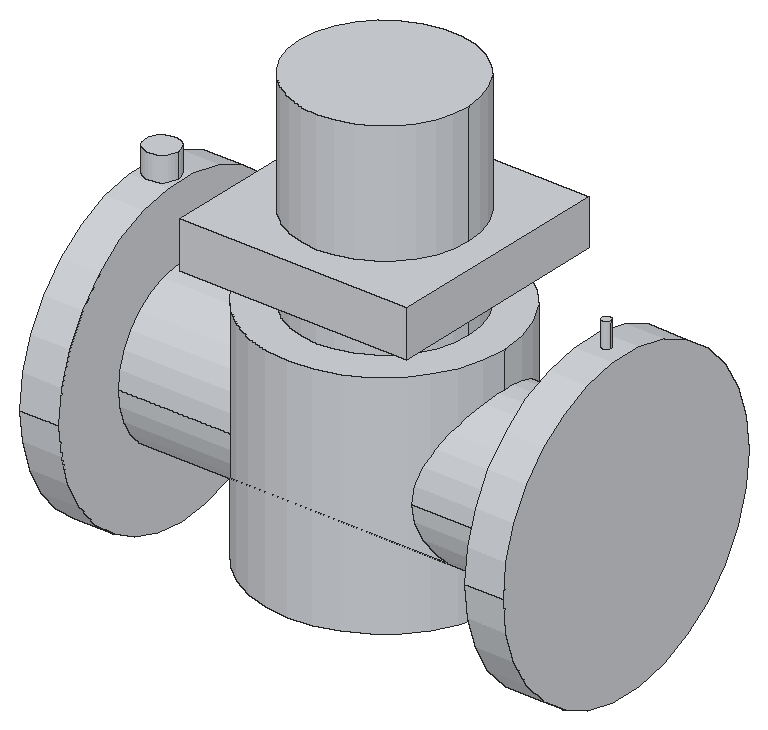
Revit family "PV_Compact_PN25_DN200_(20-100kPa)_RFA_2019", category Pipe Accessories, Revit 2019
Family settings
  Round Connector Dimension = Use Diameter
  Part Type = Valve - Breaks Into
  Work Plane-Based = No
  Always vertical = Yes
  Cut with Voids When Loaded = No
  Shared = No
Parameters (values of type "PV Compact PN25 DN200 (20-100kPa)")
  magiProductId = "21d4a96559b243fabb2a9fe74f4fa1"
  magiProductFamilyId = "7c5767a2a396495b8f1e69654734b4"
  magiPartTypeId = 304
  isMeasuringValve [instance] = no
  ang2D [instance] = 0.00°
  W2D = 50 mm
  VersionID = "2.0/2018.12.13.2/FRESE_PV_COMPACT_BIG_Q13_001"
  Use Minimum Symbol Size [instance] = no
  URL = "www.hydronix.cz"
  Type Comments = "PŘÍRUBOVÝ; PN25; dpmax=1000kPa; -10~+110°C"
  R4 = 105 mm
  R3 = 98.8 mm
  R1 = 150 mm
  QmdConnectorList = "301;D;302;D"
  Productdata [instance] = ""
  Manufacturer = "Hydronix"
  Maintenance Zone Under Depth [instance] = 100 mm
  Maintenance Zone Right Depth [instance] = 100 mm
  Maintenance Zone Over Depth [instance] = 100 mm
  Maintenance Zone Left Depth [instance] = 100 mm
  Maintenance Zone Front Depth [instance] = 100 mm
  Maintenance Zone Back Depth [instance] = 100 mm
  Maintenance Zone Front Visibility [instance] = no
  MC Use Limits From Balancing Method = no
  MC Throttling Minimum Value = 0
  MC Throttling Maximum Value = 0
  MC Product Code = "53-3338 DN200 PN25; nastavitelný rozsah dp=20~100kPa; Q=30,7~123 m3/h;  kvs=275"
  MC Pressure Drop Minimum Value = 0.0 Pa
  MC Pressure Drop Maximum Value = 0.0 Pa
  MC Piping Given Pressure Drop [instance] = 0.0 Pa
  LF__ve = -LF  # -48 mm
  LF2 = 24 mm
  LF = 48 mm
  L4 = 282 mm
  L3 = 504 mm
  L2D_Min = 30.48 mm
  L2D = 230 mm
  L2 = 300 mm
  H6 = 150 mm
  H4 = 57 mm
  H3 = 47.5 mm
  H2 = 142.5 mm
  H1 = 285 mm
  Description = "Nastavitelný regulátor tlakové diference"
  DF2 = 190 mm
  D = 200 mm
  Clearance Zone Height Depth [instance] = 100 mm
  Clearance Zone Circular Radius [instance] = 300 mm
  Clearance Zone Visibility [instance] = no
  CAT0 = yes
Types (7, lengths in mm): name | magiProductId | Type Comments | R4 | R3 | R1 | MC Product Code | LF__ve | LF2 | LF | L4 | L3 | L2 | H6 | H4 | H3 | H2 | H1 | DF2 | D | Clearance Zone Circular Radius
  PV Compact PN25 DN050 (20-100kPa) | "c83fbc6219d94d148ccf13b963e54b" | "PŘÍRUBOVÝ; PN25; dpmax=1000kPa; -10~+120°C" | 40.25 | 42.9 | 57.5 | "53-3320 DN050 PN25; nastavitelný rozsah dp=20~100kPa; Q=3,2~13,0 m3/h;  kvs=29" | -18.4 | 9.2 | 18.4 | 108.1 | 193.2 | 115 | 82.25 | 24.75 | 20.625 | 61.875 | 123.75 | 82.5 | 50 | 115
  PV Compact PN25 DN065 (20-100kPa) | "130d70b5f9404660882d0b277b908a" | "PŘÍRUBOVÝ; PN25; dpmax=1000kPa; -10~+120°C" | 50.75 | 48.1 | 72.5 | "53-3323 DN065 PN25; nastavitelný rozsah dp=20~100kPa; Q=4,7~18,8 m3/h;  kvs=42" | -23.2 | 11.6 | 23.2 | 136.3 | 243.6 | 145 | 105.25 | 27.75 | 23.125 | 69.375 | 138.75 | 92.5 | 65 | 145
  PV Compact PN25 DN080 (20-100kPa) | "a1826ed98cb744f2bf0249353d27a7" | "PŘÍRUBOVÝ; PN25; dpmax=1000kPa; -10~+120°C" | 54.25 | 52 | 77.5 | "53-3326 DN080 PN25; nastavitelný rozsah dp=20~100kPa; Q=7,5~30,0 m3/h;  kvs=67" | -24.8 | 12.4 | 24.8 | 145.7 | 260.4 | 155 | 141 | 30 | 25 | 75 | 150 | 100 | 80 | 155
  PV Compact PN25 DN100 (20-100kPa) | "7cf36ffc9d0642d6874cd3d421d477" | "PŘÍRUBOVÝ; PN25; dpmax=1000kPa; -10~+120°C" | 61.25 | 61.1 | 87.5 | "53-3329 DN100 PN25; nastavitelný rozsah dp=20~100kPa; Q=12,9~51,4 m3/h;  kvs=115" | -28 | 14 | 28 | 164.5 | 294 | 175 | 234.75 | 35.25 | 29.375 | 88.125 | 176.25 | 117.5 | 100 | 175
  PV Compact PN25 DN125 (20-100kPa) | "79fb1938054147a099bb761cc75d0a" | "PŘÍRUBOVÝ; PN25; dpmax=1000kPa; -10~+120°C" | 70 | 70.2 | 100 | "53-3332 DN125 PN25; nastavitelný rozsah dp=20~100kPa; Q=19,0~76,0 m3/h;  kvs=170" | -32 | 16 | 32 | 188 | 336 | 200 | 225.5 | 40.5 | 33.75 | 101.25 | 202.5 | 135 | 125 | 200
  PV Compact PN25 DN150 (20-100kPa) | "9089b5560db447c5b770287446c8b2" | "PŘÍRUBOVÝ; PN25; dpmax=1000kPa; -10~+110°C" | 84 | 74.1 | 120 | "53-3335 DN150 PN25; nastavitelný rozsah dp=20~100kPa; Q=28,0~112 m3/h;  kvs=250" | -38.4 | 19.2 | 38.4 | 225.6 | 403.2 | 240 | 256.25 | 42.75 | 35.625 | 106.875 | 213.75 | 142.5 | 150 | 240
  PV Compact PN25 DN200 (20-100kPa) | "21d4a96559b243fabb2a9fe74f4fa1" | "PŘÍRUBOVÝ; PN25; dpmax=1000kPa; -10~+110°C" | 105 | 98.8 | 150 | "53-3338 DN200 PN25; nastavitelný rozsah dp=20~100kPa; Q=30,7~123 m3/h;  kvs=275" | -48 | 24 | 48 | 282 | 504 | 300 | 150 | 57 | 47.5 | 142.5 | 285 | 190 | 200 | 300
Reference planes
  plane 1 "Center (Front/Back)": y = 0
  plane 2 "XYPLANE": z = 0
  plane 3 "Center (Left/Right)": x = 0
  plane 4 "257": y = -190
  plane 5 "256": y = 190
  plane 6 "255": z = -190
  plane 7 "254": y = -290
  plane 8 "253": y = 290
  plane 9 "252": x = -400
  plane 10 "251": x = 400
  plane 11 "250": z = 497
  plane 12 "249": z = -290
  plane 13 "248": z = 497
  plane 14 "247": z = 397
  plane 15 "157": x = 276
  plane 16 "156": x = -276
  plane 17 "155": z = 190
  plane 18 "154": z = 247
  plane 19 "153": z = 190
  plane 20 "152": z = 142.5
  plane 21 "151": x = -252
  plane 22 "150": z = -142.5
  plane 23 "149": x = 0
  plane 24 "148": y = 0
  plane 25 "147": z = 0
  plane 26 "146": x = -300
  plane 27 "145": x = 300
Forms (mm)
  Blend 1, solid, visible <- "Maintenance Zone Front Visibility"
    base sketch origin (-750, 0, -290) x (1, 0, 0) y (0, 1, 0)
      loop
        line (350, 290) -> (350, -290) -> (1150, -290) -> (1150, 290) -> (350, 290)
    top sketch origin (-750, 0, -290) x (1, 0, 0) y (0, 1, 0)
      loop
        line (350, 290) -> (350, -290) -> (1150, -290) -> (1150, 290) -> (350, 290)
    from 0 to 787
  Blend 2, solid, visible <- "Clearance Zone Visibility"
    base sketch origin (-750, 0, 0) x (1, 0, 0) y (0, 1, 0)
      loop
        circle (750, 0) r 300
    top sketch origin (-750, 0, 0) x (1, 0, 0) y (0, 1, 0)
      loop
        circle (750, 0) r 300
    from 0 to 497
  Extrusion 3, solid, visible <- "CAT0"
    sketch origin (-750, 0, 190) x (1, 0, 0) y (0, 1, 0)
      loop
        circle (1026, 0) r 5.5
    from 0 to 30
  Extrusion 4, solid, visible <- "CAT0"
    sketch origin (-750, 0, 190) x (1, 0, 0) y (0, 1, 0)
      loop
        circle (474, 0) r 20.3
    from 0 to 30
  Extrusion 5, solid
    sketch origin (-750, 0, 247) x (1, 0, 0) y (0, 1, 0)
      loop
        circle (750, 0) r 105
    from 0 to 150 <- "H6"
  Extrusion 6, solid, visible <- "CAT0"
    sketch origin (-750, 0, 190) x (1, 0, 0) y (0, 1, 0)
      loop
        line (891, 141) -> (609, 141) -> (609, -141) -> (891, -141) -> (891, 141)
    from 0 to 57 <- "H4"
  Extrusion 7, solid, visible <- "CAT0"
    sketch origin (-750, 0, 142.5) x (1, 0, 0) y (0, 1, 0)
      loop
        circle (750, 0) r 105
    from 0 to 47.5 <- "H3"
  Extrusion 8, solid, visible <- "CAT0"
    sketch origin (-252, -750, 0) x (0, 1, 0) y (0, 0, 1)
      loop
        circle (750, 0) r 98.8
    from 0 to 504 <- "L3"
  Extrusion 9, solid, visible <- "CAT0"
    sketch origin (-750, 0, -142.5) x (1, 0, 0) y (0, 1, 0)
      loop
        circle (750, 0) r 150
    from 0 to 285 <- "H1"
  Extrusion 10, solid, visible <- "CAT0"
    sketch origin (-300, -750, 0) x (0, 1, 0) y (0, 0, 1)
      loop
        circle (750, 0) r 190
    from 0 to 48 <- "LF"
  Extrusion 11, solid, visible <- "CAT0"
    sketch origin (300, -750, 0) x (0, 1, 0) y (0, 0, 1)
      loop
        circle (750, 0) r 190
    from 0 to -48 <- "LF__ve"
  Extrusion 12, solid, not visible
    sketch origin (-300, -750, 0) x (0, 1, 0) y (0, 0, 1)
      loop
        circle (750, 0) r 10
    from 0 to 10
  Extrusion 13, solid, not visible
    sketch origin (300, -750, 0) x (0, 1, 0) y (0, 0, 1)
      loop
        circle (750, 0) r 10
    from 0 to -10
Lines and regions (mm)
  reference lines, not visible
    curve 1: circle (2, 2, 0) r 1 normal (0, 0, 1)
  reference lines
    curve 2: circle (0, 0, 190) r 1 normal (0, 0, 1)
Dimensions and locks
  plane 1 "Center (Front/Back)" to curve 1 = 2 mm
  "DF2": plane 24 "148" to plane 4 "257"
  "DF2": plane 24 "148" to plane 5 "256"
  "DF2": plane 25 "147" to plane 6 "255"
  "Maintenance Zone Front Depth": plane 4 "257" to plane 7 "254"
  "Maintenance Zone Back Depth": plane 5 "256" to plane 8 "253"
  "Maintenance Zone Left Depth": plane 26 "146" to plane 9 "252"
  "Maintenance Zone Right Depth": plane 27 "145" to plane 10 "251"
  "Maintenance Zone Over Depth": plane 14 "247" to plane 11 "250"
  "Maintenance Zone Under Depth": plane 6 "255" to plane 12 "249"
  "Clearance Zone Height Depth": plane 14 "247" to plane 13 "248"
  "H6": plane 18 "154" to plane 14 "247"
  "LF2": plane 27 "145" to plane 15 "157"
  "LF2": plane 26 "146" to plane 16 "156"
  "DF2": plane 2 "XYPLANE" to plane 17 "155"
  "H4": plane 19 "153" to plane 18 "154"
  "H3": plane 20 "152" to plane 19 "153"
  "H1": plane 22 "150" to plane 20 "152"
  "LF": plane 26 "146" to plane 21 "151"
  "H2": plane 2 "XYPLANE" to plane 22 "150"
  locked: plane 3 "Center (Left/Right)" to plane 23 "149"
  locked: plane 1 "Center (Front/Back)" to plane 24 "148"
  locked: plane 2 "XYPLANE" to plane 25 "147"
  "L2": plane 3 "Center (Left/Right)" to plane 26 "146"
  "L2": plane 3 "Center (Left/Right)" to plane 27 "145"
  Blend 1 sketch curve to Blend 1 sketch curve = 0 mm  (x16)
  equal spacing: Extrusion 6 sketch curve, curve 2, Extrusion 6 sketch curve  (x2)
  "L4": Extrusion 6 sketch curve to Extrusion 6 sketch curve  (x2)
  Extrusion 6 sketch curve to Extrusion 6 sketch curve = 0 mm  (x8)
  "Clearance Zone Circular Radius": radius of Blend 2 sketch curve  (x2)
  "R4": radius of Extrusion 5 sketch curve
  "R4": radius of Extrusion 7 sketch curve
  "R3": radius of Extrusion 8 sketch curve
  "R1": radius of Extrusion 9 sketch curve
  "DF2": radius of Extrusion 10 sketch curve
  "DF2": radius of Extrusion 11 sketch curve
  aligned and locked: level to plane 2 "XYPLANE"
  aligned and locked: Blend 1 sketch curve to plane 8 "253"  (x2)
  aligned and locked: plane 9 "252" to Blend 1 sketch curve  (x4)
  aligned and locked: plane 10 "251" to Blend 1 sketch curve  (x4)
  aligned and locked: plane 8 "253" to Blend 1 sketch curve  (x2)
  aligned and locked: plane 7 "254" to Blend 1 sketch curve  (x4)
  aligned and locked: plane 11 "250" to Blend 1
  aligned and locked: plane 23 "149" to Blend 2 sketch curve  (x2)
  aligned and locked: plane 24 "148" to Blend 2 sketch curve  (x2)
  aligned and locked: plane 13 "248" to Blend 2
  aligned and locked: plane 15 "157" to Extrusion 3 sketch curve
  aligned and locked: plane 24 "148" to Extrusion 3 sketch curve
  aligned and locked: plane 16 "156" to Extrusion 4 sketch curve
  aligned and locked: plane 24 "148" to Extrusion 4 sketch curve
  aligned and locked: plane 23 "149" to Extrusion 5 sketch curve
  aligned and locked: plane 24 "148" to Extrusion 5 sketch curve
  aligned and locked: plane 23 "149" to curve 2
  aligned and locked: plane 24 "148" to curve 2
  aligned and locked: plane 23 "149" to Extrusion 7 sketch curve
  aligned and locked: plane 24 "148" to Extrusion 7 sketch curve
  aligned and locked: Extrusion 8 sketch curve to plane 24 "148"
  aligned and locked: plane 25 "147" to Extrusion 8 sketch curve
  aligned and locked: plane 23 "149" to Extrusion 9 sketch curve
  aligned and locked: plane 24 "148" to Extrusion 9 sketch curve
  aligned and locked: Extrusion 10 sketch curve to plane 24 "148"
  aligned and locked: plane 25 "147" to Extrusion 10 sketch curve
  aligned and locked: Extrusion 11 sketch curve to plane 24 "148"
  aligned and locked: plane 25 "147" to Extrusion 11 sketch curve
  aligned and locked: Extrusion 12 sketch curve to plane 24 "148"
  aligned and locked: plane 25 "147" to Extrusion 12 sketch curve
  aligned and locked: Extrusion 13 sketch curve to plane 24 "148"
  aligned and locked: plane 25 "147" to Extrusion 13 sketch curve
Automatic sketch dimensions
  Extrusion 3 sketch curve to plane 15 "157" = 5.5 mm
  plane 26 "146" to Extrusion 4 sketch curve = 3.7 mm
  plane 1 "Center (Front/Back)" to Extrusion 12 sketch curve = 10 mm
  plane 1 "Center (Front/Back)" to Extrusion 13 sketch curve = 10 mm
  plane 3 "Center (Left/Right)" to curve 1 = 2 mm
  plane 21 "151" to Extrusion 6 sketch curve = 111 mm
  plane 4 "257" to Extrusion 6 sketch curve = 49 mm
  radius of curve 2 = 1 mm
  radius of curve 1 = 1 mm
Connectors
  piping at (-300, 0, 0), diameter 200, driven by "D"
    settings: on Extrusion 12, index 1, connector inside diameter 609.6 mm, connector length 0 mm, flow factor 0, pipe flow 0.0 L/s, pressure drop 0.0 Pa, fitting loss kfactor 0, connector angle 0.00°, fixture units 0, engagement length 0 mm, angle of deflection 0.00°, flow configuration 0, flow direction 0, fitting loss method 0, system type 29, joint type 0, gender type 0, connector reference index 2, connector utility 0, adjustable connector no, is connector primary yes, connector description ""
  piping at (300, 0, 0), diameter 200, driven by "D"
    settings: on Extrusion 13, index 2, connector inside diameter 609.6 mm, connector length 0 mm, flow factor 0, pipe flow 0.0 L/s, pressure drop 0.0 Pa, fitting loss kfactor 0, connector angle 0.00°, fixture units 0, engagement length 0 mm, angle of deflection 0.00°, flow configuration 0, flow direction 0, fitting loss method 0, system type 29, joint type 0, gender type 0, connector reference index 1, connector utility 0, adjustable connector no, is connector primary no, connector description ""
